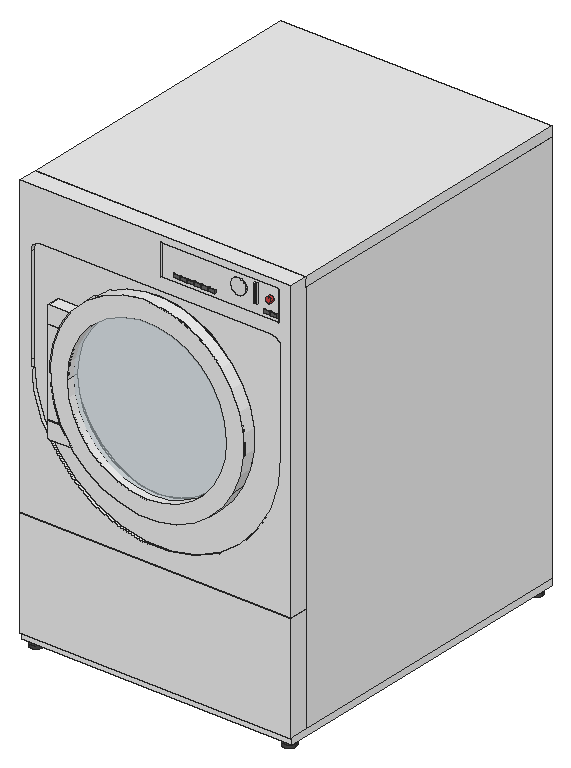
Revit family
Parameters (values of type "Dryer_T_8407_Miele")
  Warranty Duration (Years) = 0
  Voltage_MEP = 230 V
  URL = "http://www.professionallaundry.com/intro/default.asp"
  Specification = "http://www.arcat.com/sdspecs/htm/11110mpp.htm"
  Send Message = "http://www.arcat.com/users.pl?action=UserEmail&company=Miele%20Professional%20Products&coid=46081&rep=121&fax=609-419-4298&mf="
  Sales Information = "http://miele.com/locator/locator_new.asp?nav=800&snav=800&tnav=800&oT=7"
  Revision = "R1_03-2010"
  Product Properties = "http://www.arcat.com/bim/bim_info.pl?fn=Miele"
  Product Data = "http://www.arcat.com/arcatcos/cos46/arc46081.html"
  Model = "T 8407"
  Manufacturer Website = "http://www.professionallaundry.com/intro/default.asp"
  Manufacturer Phone - Toll Free = "800-843-7231 "
  Manufacturer Phone = "609-419-9898 "
  Manufacturer Fax = "609-419-4298"
  Manufacturer Address = "9 Independence Way, Princeton, NJ 08540"
  Manufacturer = "Miele Professional Products"
  Maintenance Schedule (Months) = 0
  MEP Wattage = Voltage_MEP * MEP Amperage  # 14950 VA
  MEP Amperage = 65 A
  Keynote = "11 23 00"
  Installation-Fabrication = "http://www.professionallaundry.com/model/modelsintro.asp"
  Installation Phase = ""
  Green Building-LEED = "http://www.arcat.com/green/clients/leed_data_46081.html"
  Expected Lifespan (Years) = 0
  Evaporation Rate = "12 fl oz/minute"
  Drawn By = "Robert S. Weygant, CSI, CDT, SCIP"
  Description = "Miele T8407 Commercial Dryer"
  Copyright = "2010, ARCAT, Inc"
  Construction Details = "http://www.professionallaundry.com/model/modelsintro.asp"
  Connection Dia Electrical = 1.00"
  Connect Dpth = -1.00"
  Circuits = 3
  Capacity = "36 Lbs"
  Body Material = Metal - Stainless Steel
  Assembly Code = "E1090320"
Reference planes (in)
  plane 1 "Center (Front/Back)": y = 7.26775
  plane 2: z = 0
  plane 3 "Center (Left/Right)": x = 0
  plane 4: y = 29.86775
Forms (in)
  Extrusion 1, solid, material "Electrical"
    sketch origin (6.25, 27.70916, 49.49681) x (-1, 0, 0) y (0, 0, -1)
      loop
        circle (19.22397, 6.9376) r 0.5
    from 0 to -1 <- "Connect Dpth"
  Extrusion 2, solid, material "Appliance Foot", not visible
    sketch origin (-17.94491, 0, 5.70173) x (1, 0, 0) y (0, 1, 0)
      loop
        circle (4.33957, -18.03075) r 0.81159
    from 0 to 0.32449
  Extrusion 3, solid, material "Appliance Foot", not visible
    sketch origin (-17.94491, 0, 5.70173) x (1, 0, 0) y (0, 1, 0)
      loop
        circle (4.31639, -18.03075) r 0.18544
    from 0.32449 to 0.78508
  Extrusion 4, solid, material "Appliance Foot"
    sketch origin (-21.03866, 3.96185, 0) x (1, 0, 0) y (0, 1, 0)
      loop
        circle (4.33957, -18.03075) r 0.81159
    from 0 to 0.32449
  Extrusion 5, solid, material "Metal - Stainless Steel" <- "Body Material"
    sketch origin (-5.05137, 8.00677, -6.07553) x (1, 0, 0) y (0, 0, 1)
      loop
        line (-12.78363, 7.69188) -> (-12.78363, 6.86061) -> (22.88637, 6.86061) -> (22.88637, 7.69188) -> (-12.78363, 7.69188)
    from -19.7024 to 23.09548
  Extrusion 6, solid, material "Metal - Stainless Steel" <- "Body Material"
    sketch origin (0, 8.00677, 0) x (1, 0, 0) y (0, 0, 1)
      loop
        line (-17.835, 1.61635) -> (17.835, 1.61635) -> (17.835, 15.74832) -> (-17.835, 15.74832) -> (-17.835, 1.61635)
    from 20.75285 to 23.33901
  Extrusion 7, solid, material "Metal - Stainless Steel" <- "Body Material"
    sketch origin (0, 8.00677, 0) x (1, 0, 0) y (0, 0, 1)
      loop
        line (-17.835, 55.12) -> (-17.835, 15.88716) -> (17.835, 15.88716) -> (17.835, 55.12) -> (-17.835, 55.12)
      loop
        line (0.74786, 54.35942) -> (0.74786, 50.20632) -> (16.26483, 50.20632) -> (16.26483, 54.35942) -> (0.74786, 54.35942)
      loop
        line (-16.33871, 47.30101) -> (-16.33871, 34.47716)
        arc (-16.33871, 34.47716) -> (0.1288, 18.00965) -> (16.59631, 34.47716) r 16.46751
        line (16.59631, 34.47716) -> (16.59631, 47.33579)
        arc (16.59631, 47.33579) -> (16.22141, 48.24088) -> (15.31632, 48.61578) r 1.27999
        line (15.31632, 48.61578) -> (-15.02393, 48.61578)
        arc (-15.02393, 48.61578) -> (-15.95362, 48.23069) -> (-16.33871, 47.30101) r 1.31477
    from 20.75285 to 23.33901
  Extrusion 8, solid, material "Metal - Stainless Steel" <- "Body Material"
    sketch origin (0.04099, 8.00677, 47.23957) x (1, 0, 0) y (0, 0, 1)
      loop
        line (-17.87599, 7.88043) -> (-17.87599, 6.69529) -> (17.79401, 6.69529) -> (17.79401, 7.88043) -> (-17.87599, 7.88043)
    from -19.7024 to 20.75285
  Extrusion 9, solid, material "Metal - Stainless Steel" <- "Body Material"
    sketch origin (0, 8.00677, 45.89194) x (1, 0, 0) y (0, 0, 1)
      loop
        line (-17.835, 8.04292) -> (-17.835, -44.27559) -> (17.835, -44.27559) -> (17.835, 8.04292) -> (-17.835, 8.04292)
    from -19.7024 to 20.75285
  Extrusion 10, solid, material "Metal - Stainless Steel" <- "Body Material"
    sketch origin (0, 8.00677, 4.8744) x (1, 0, 0) y (0, 0, 1)
      loop
        circle (0, 29.84821) r 10.50937
      loop
        line (-12.87082, 21.93581) -> (-10.01973, 21.93581)
        arc (-10.01973, 21.93581) -> (-10.80795, 23.0279) -> (-11.47764, 24.19643) r 12.86063
        line (-11.47764, 24.19643) -> (-13.16678, 24.19643) -> (-13.16678, 22.23177)
        arc (-13.16678, 22.23177) -> (-13.08009, 22.0225) -> (-12.87082, 21.93581) r 0.29596
      loop
        line (-10.19747, 37.83439) -> (-12.87546, 37.83439)
        arc (-12.87546, 37.83439) -> (-13.08145, 37.74907) -> (-13.16678, 37.54308) r 0.29131
        line (-13.16678, 37.54308) -> (-13.16678, 35.51085) -> (-11.61918, 35.51085)
        arc (-11.61918, 35.51085) -> (-10.97002, 36.71037) -> (-10.19747, 37.83439) r 12.86063
      loop
        circle (0, 29.99811) r 12.825
      loop
        line (-11.65271, 35.43963) -> (-13.16678, 35.43963) -> (-13.16678, 24.24999) -> (-11.50455, 24.24999)
        arc (-11.50455, 24.24999) -> (-12.8595, 29.82785) -> (-11.65271, 35.43963) r 12.86063
    from 24.66616 to 23.09548
  Extrusion 11, solid, material "Glass - Laundry"
    sketch origin (0, 8.00677, -1.72365) x (1, 0, 0) y (0, 0, 1)
      loop
        circle (0, 36.44626) r 10.50937
    from 23.09548 to 23.71139
  Extrusion 12, solid, material "Metal - Stainless Steel" <- "Body Material"
    sketch origin (0.16298, 9.04022, 0.12828) x (1, 0, 0) y (0, 0, 1)
      loop
        line (0.58488, 54.23114) -> (0.58488, 50.07804) -> (16.10185, 50.07804) -> (16.10185, 54.23114) -> (0.58488, 54.23114)
    from 21.71402 to 24.30019
  Extrusion 13, solid, material "Appliance Foot"
    sketch origin (-21.03866, 3.96185, 0) x (1, 0, 0) y (0, 1, 0)
      loop
        circle (4.31639, -18.03075) r 0.18544
    from 0.32449 to 0.78508
  Extrusion 14, solid, material "Appliance Foot"
    sketch origin (-21.03866, 44.63729, 0) x (1, 0, 0) y (0, 1, 0)
      loop
        circle (4.33957, -18.03075) r 0.81159
    from 0 to 0.32449
  Extrusion 15, solid, material "Appliance Foot"
    sketch origin (-21.03866, 44.63729, 0) x (1, 0, 0) y (0, 1, 0)
      loop
        circle (4.31639, -18.03075) r 0.18544
    from 0.32449 to 0.78508
  Extrusion 16, solid, material "Black"
    sketch origin (0.16298, -15.25997, 0.12828) x (1, 0, 0) y (0, 0, 1)
      loop
        line (2.26916, 51.08376) -> (2.26916, 50.66656) -> (3.0572, 50.66656) -> (3.0572, 51.08376) -> (2.26916, 51.08376)
      loop
        line (3.19627, 51.08376) -> (3.19627, 50.66656) -> (4.03067, 50.66656) -> (4.03067, 51.08376) -> (3.19627, 51.08376)
      loop
        line (4.16973, 51.08376) -> (4.16973, 50.66656) -> (4.95778, 50.66656) -> (4.95778, 51.08376) -> (4.16973, 51.08376)
      loop
        line (5.09684, 51.08376) -> (5.09684, 50.66656) -> (5.88489, 50.66656) -> (5.88489, 51.08376) -> (5.09684, 51.08376)
      loop
        line (6.07031, 51.08376) -> (6.07031, 50.66656) -> (6.85835, 50.66656) -> (6.85835, 51.08376) -> (6.07031, 51.08376)
      loop
        line (6.99742, 51.08376) -> (6.99742, 50.66656) -> (7.78546, 50.66656) -> (7.78546, 51.08376) -> (6.99742, 51.08376)
    from 0 to 0.125
  Extrusion 17, solid, material "White"
    sketch origin (4.20102, -15.25997, 0.45957) x (1, 0, 0) y (0, 0, 1)
      loop
        circle (6.8006, 52.25291) r 1
    from 0 to 0.125
  Extrusion 18, solid, material "White"
    sketch origin (6.47246, -15.25997, 0.45957) x (1, 0, 0) y (0, 0, 1)
      loop
        line (6.61516, 53.43834) -> (6.61516, 51.0306) -> (6.98601, 51.0306) -> (6.98601, 53.43834) -> (6.61516, 53.43834)
      loop
        line (6.75423, 53.29782) -> (6.75423, 51.16937) -> (6.84694, 51.16937) -> (6.84694, 53.29782) -> (6.75423, 53.29782)
    from 0 to 0.125
  Extrusion 19, solid, material "Red"
    sketch origin (8.422, -15.25997, 0.45957) x (1, 0, 0) y (0, 0, 1)
      loop
        circle (6.8006, 52.25291) r 0.36667
    from 0 to 0.44465
  Extrusion 20, solid, material "Black"
    sketch origin (8.3583, -15.25997, 0.12046) x (1, 0, 0) y (0, 0, 1)
      loop
        line (6.02979, 51.08376) -> (6.02979, 50.66656) -> (6.81784, 50.66656) -> (6.81784, 51.08376) -> (6.02979, 51.08376)
      loop
        line (6.9569, 51.08376) -> (6.9569, 50.66656) -> (7.74495, 50.66656) -> (7.74495, 51.08376) -> (6.9569, 51.08376)
    from 0 to 0.125
  Extrusion 21, solid, material "Metal - Stainless Steel" <- "Body Material"
    sketch origin (0, 8.00677, 0) x (1, 0, 0) y (0, 0, 1)
      loop
        circle (0, 34.87251) r 12.825
      loop
        line (-16.33871, 47.30101) -> (-16.33871, 34.47716)
        arc (-16.33871, 34.47716) -> (0.1288, 18.00965) -> (16.59631, 34.47716) r 16.46751
        line (16.59631, 34.47716) -> (16.59631, 47.33579)
        arc (16.59631, 47.33579) -> (16.22141, 48.24088) -> (15.31632, 48.61578) r 1.27999
        line (15.31632, 48.61578) -> (-15.02393, 48.61578)
        arc (-15.02393, 48.61578) -> (-15.95362, 48.23069) -> (-16.33871, 47.30101) r 1.31477
    from 20.75285 to 23.00285
  Extrusion 22, solid, material "Metal - Stainless Steel"
    sketch origin (31.00025, 27.70916, 14.3795) x (-1, 0, 0) y (0, 0, -1)
      loop
        circle (19.22397, 6.9376) r 3
    from 0 to -2.07955
  Extrusion 23, solid, material "Appliance Foot"
    sketch origin (21.03866, -85.31272, 0) x (-1, 0, 0) y (0, -1, 0)
      loop
        circle (4.33957, -71.24383) r 0.81159
    from 0 to 0.32449
  Extrusion 24, solid, material "Appliance Foot"
    sketch origin (21.03866, -85.31272, 0) x (-1, 0, 0) y (0, -1, 0)
      loop
        circle (4.31639, -71.24383) r 0.18544
    from 0.32449 to 0.78508
  Extrusion 25, solid, material "Appliance Foot"
    sketch origin (21.03866, -44.63729, 0) x (-1, 0, 0) y (0, -1, 0)
      loop
        circle (4.33957, -71.24383) r 0.81159
    from 0 to 0.32449
  Extrusion 26, solid, material "Appliance Foot"
    sketch origin (21.03866, -44.63729, 0) x (-1, 0, 0) y (0, -1, 0)
      loop
        circle (4.31639, -71.24383) r 0.18544
    from 0.32449 to 0.78508
Lines and regions (in)
  Split face 1
    outline origin (0.16298, -15.25997, 0.12828) x (1, 0, 0) y (0, 0, 1)
      loop
        line (1.75925, 53.63331) -> (1.75925, 51.4546) -> (10.83865, 51.4546)
        arc (10.83865, 51.4546) -> (11.928, 52.54396) -> (10.83865, 53.63331) r 1.08935
        line (10.83865, 53.63331) -> (1.75925, 53.63331)
  Split face 2
    outline origin (0.16298, -15.25997, 0.12828) x (1, 0, 0) y (0, 0, 1)
      loop
        circle (15.05962, 52.5842) r 0.48943
  symbolic lines, style "MechanicalEquipmentHiddenLines"
    curve 1: line (34.34298, -40.45853, 0) -> (17.11438, -11.30244, 0)
    curve 2: arc (0, -18.24252, 43.55103) -> (0, -41.08989, 35.02999) -> (0, -18.20091, 26.62138) r 13.00079
    curve 3: arc (0, -17.79494, 37.15089) -> (0, -38.59313, 35.04256) -> (0, -17.7873, 33.01103) r 10.50401
    curve 4: circle (0, -28.08914, 35.06195) r 9.97881 normal (1, 0, 0)
    curve 5: line (0, -15.08871, 43.55103) -> (0, -18.24252, 43.55103)
    curve 6: line (0, -18.20091, 26.62138) -> (0, -15.08871, 26.62138)
    curve 9: arc (-17.57041, -11.88645, 0) -> (0.23656, -40.97995, 0) -> (34.34298, -40.45853, 0) r 34.41952
    curve 12: line (0, -24.44632, 11.56981) -> (0, -22.61763, 13.39851)
    curve 13: line (0, -14.45351, 1.577) -> (0, -24.44632, 11.56981)
    curve 14: line (0, -12.62482, 3.4057) -> (0, -14.45351, 1.577)
    curve 15: line (0, -22.61763, 13.39851) -> (0, -12.62482, 3.4057)
  symbolic lines
    curve 7: line (0, -16.11733, 15.37886) -> (0, -15.7017, 15.74832)
    curve 8: line (0, -15.7017, 15.74832) -> (0, -15.33225, 15.74832)
    curve 10: line (0, -24.74022, 10.75343) -> (0, -24.70756, 11.30857)
    curve 11: line (0, -24.70756, 11.30857) -> (0, -24.44632, 11.56981)
Dimensions and locks (in)
  "Connection Dia Electrical": Extrusion 1 sketch curve to Extrusion 1 sketch curve
  Extrusion 22 sketch curve to Extrusion 22 sketch curve = 6.00"
  Extrusion 7 to Extrusion 7 = 35.67"
Automatic sketch dimensions
  Extrusion 1 sketch curve to plane 3 "Center (Left/Right)" = 12.47397"
  Extrusion 8 sketch curve to plane 3 "Center (Left/Right)" = 17.835"
  plane 3 "Center (Left/Right)" to Extrusion 8 sketch curve = 17.835"
  level to Extrusion 9 sketch curve = 1.61635"
  Extrusion 9 sketch curve to plane 3 "Center (Left/Right)" = 17.835"
  plane 3 "Center (Left/Right)" to Extrusion 9 sketch curve = 17.835"
  Extrusion 16 sketch curve to Extrusion 16 sketch curve = 0.78804"  (x5)
  Extrusion 16 sketch curve to Extrusion 16 sketch curve = 0.13907"  (x4)
  Extrusion 16 sketch curve to Extrusion 16 sketch curve = 0.8344"
  Extrusion 16 sketch curve to Extrusion 16 sketch curve = 0.18542"
  Extrusion 16 sketch curve to Extrusion 16 sketch curve = 0.00"  (x8)
  Extrusion 16 sketch curve to Extrusion 16 sketch curve = 0.4172"  (x2)
  Split face 1 sketch curve to Split face 1 sketch curve = 1.08935"
  Extrusion 18 sketch curve to Extrusion 18 sketch curve = 0.13907"  (x2)
  Extrusion 18 sketch curve to Extrusion 18 sketch curve = 0.09271"
  Extrusion 18 sketch curve to Extrusion 18 sketch curve = 0.13877"
  Extrusion 18 sketch curve to Extrusion 18 sketch curve = 0.14052"
  Extrusion 20 sketch curve to Extrusion 20 sketch curve = 0.78804"  (x2)
  Extrusion 20 sketch curve to Extrusion 20 sketch curve = 0.13907"
  Extrusion 20 sketch curve to Extrusion 20 sketch curve = 0.00"  (x2)
  Extrusion 20 sketch curve to Extrusion 20 sketch curve = 0.4172"
  level to Extrusion 6 sketch curve = 15.74832"
  Extrusion 6 sketch curve to plane 3 "Center (Left/Right)" = 17.835"
  plane 3 "Center (Left/Right)" to Extrusion 6 sketch curve = 17.835"
  level to Extrusion 6 sketch curve = 1.61635"
  Extrusion 11 sketch curve to plane 3 "Center (Left/Right)" = 0.00"
  Extrusion 11 sketch curve to Extrusion 11 sketch curve = 10.50937"
  plane 3 "Center (Left/Right)" to Extrusion 22 sketch curve = 14.77627"
  Extrusion 21 sketch curve to plane 3 "Center (Left/Right)" = 0.00"
  level to Extrusion 5 sketch curve = 1.61635"
  Extrusion 5 sketch curve to plane 3 "Center (Left/Right)" = 17.835"
  plane 3 "Center (Left/Right)" to Extrusion 5 sketch curve = 17.835"
  level to Extrusion 5 sketch curve = 0.78508"
  plane 3 "Center (Left/Right)" to Extrusion 12 sketch curve = 0.74786"
  Extrusion 12 sketch curve to Extrusion 12 sketch curve = 15.51697"
  Extrusion 12 sketch curve to Extrusion 12 sketch curve = 4.1531"
  Extrusion 16 sketch curve to Extrusion 12 = 0.58852"  (x2)
  Extrusion 16 sketch curve to Extrusion 12 = 1.68428"
  Split face 1 sketch curve to Extrusion 12 = 1.17437"
  Split face 1 sketch curve to Extrusion 12 = 1.37656"
  Split face 1 sketch curve to Extrusion 12 = 5.2632"
  Extrusion 17 sketch curve to Extrusion 12 = 1.64693"
  Extrusion 17 sketch curve to Extrusion 12 = 5.2632"
  Extrusion 18 sketch curve to Extrusion 12 = 1.28385"
  Extrusion 18 sketch curve to Extrusion 12 = 3.17721"
  Extrusion 18 sketch curve to Extrusion 12 = 0.60203"
  Extrusion 19 sketch curve to Extrusion 12 = 1.04223"
  Extrusion 19 sketch curve to Extrusion 12 = 1.64693"
  Split face 2 sketch curve to Extrusion 12 = 1.04223"
  Split face 2 sketch curve to Extrusion 12 = 1.64693"
  Extrusion 20 sketch curve to Extrusion 12 = 0.58071"
  Extrusion 20 sketch curve to Extrusion 12 = 1.87673"
  Extrusion 21 sketch curve to Extrusion 21 sketch curve = 12.825"
  Extrusion 1 sketch curve to Extrusion 1 sketch curve = 0.00"
  level to Extrusion 1 sketch curve = 42.55921"
  level to Extrusion 8 sketch curve = 53.93486"
  Extrusion 8 sketch curve to Extrusion 8 sketch curve = 1.18514"
  Extrusion 9 sketch curve to Extrusion 9 sketch curve = 52.31851"
  level to Extrusion 11 sketch curve = 34.72261"
  level to Extrusion 12 sketch curve = 50.20632"
  level to Extrusion 21 sketch curve = 34.87251"
  Extrusion 22 sketch curve to Extrusion 22 sketch curve = 0.00"
  level to Extrusion 22 sketch curve = 7.44191"
  curve 9 to plane 3 "Center (Left/Right)" = 17.57041"
  plane 3 "Center (Left/Right)" to curve 9 = 16.83277"
  curve 9 to curve 1 = 0.28162"
  curve 1 to curve 9 = 17.2286"
  plane 1 "Center (Front/Back)" to curve 9 = 47.72629"
  plane 1 "Center (Front/Back)" to curve 9 = 19.1542"
  curve 1 to curve 9 = 0.47659"
  Extrusion 10 sketch curve to Extrusion 10 sketch curve = 0.00"  (x14)
  Extrusion 10 sketch curve to plane 3 "Center (Left/Right)" = 0.00"  (x2)
  Extrusion 10 sketch curve to plane 3 "Center (Left/Right)" = 10.01973"
  Extrusion 10 sketch curve to plane 3 "Center (Left/Right)" = 10.19747"
  Extrusion 10 sketch curve to Extrusion 10 sketch curve = 1.45791"
  Extrusion 10 sketch curve to Extrusion 10 sketch curve = 0.02692"
  Extrusion 10 sketch curve to Extrusion 10 sketch curve = 1.42172"
  Extrusion 10 sketch curve to Extrusion 10 sketch curve = 0.03352"
  Extrusion 10 sketch curve to Extrusion 10 sketch curve = 1.39318"
  Extrusion 10 sketch curve to Extrusion 10 sketch curve = 1.25628"
  Extrusion 10 sketch curve to Extrusion 10 sketch curve = 1.51407"
  level to Extrusion 10 sketch curve = 26.81021"
  Extrusion 10 sketch curve to Extrusion 10 sketch curve = 1.96466"
  Extrusion 10 sketch curve to Extrusion 10 sketch curve = 0.05356"
  Extrusion 10 sketch curve to Extrusion 10 sketch curve = 0.1499"
  Extrusion 10 sketch curve to Extrusion 10 sketch curve = 0.07121"
  plane 3 "Center (Left/Right)" to Extrusion 7 sketch curve = 0.1288"
  Extrusion 7 sketch curve to plane 3 "Center (Left/Right)" = 15.02393"
  Extrusion 7 sketch curve to Extrusion 7 sketch curve = 1.31477"
  Extrusion 7 sketch curve to Extrusion 7 sketch curve = 2.81107"
  plane 3 "Center (Left/Right)" to Extrusion 7 sketch curve = 0.74786"
  Extrusion 7 sketch curve to Extrusion 7 sketch curve = 1.27999"
  plane 3 "Center (Left/Right)" to Extrusion 7 sketch curve = 17.835"
  Extrusion 7 sketch curve to Extrusion 7 sketch curve = 1.57017"
  level to Extrusion 7 sketch curve = 15.88716"
  Extrusion 7 sketch curve to Extrusion 7 sketch curve = 18.58999"
  Extrusion 7 sketch curve to Extrusion 7 sketch curve = 12.82385"
  Extrusion 7 sketch curve to Extrusion 7 sketch curve = 1.59054"
  Extrusion 7 sketch curve to Extrusion 7 sketch curve = 4.1531"
  Extrusion 7 sketch curve to Extrusion 7 sketch curve = 6.50422"
  Extrusion 21 sketch curve to Extrusion 21 sketch curve = 2.19893"
  Extrusion 21 sketch curve to Extrusion 21 sketch curve = 3.51371"
  plane 3 "Center (Left/Right)" to Extrusion 21 sketch curve = 0.1288"
  Extrusion 21 sketch curve to Extrusion 21 sketch curve = 1.27999"
  Extrusion 21 sketch curve to Extrusion 21 sketch curve = 0.39535"
  Extrusion 21 sketch curve to Extrusion 21 sketch curve = 12.4285"
  curve 2 to curve 3 = 0.00"  (x2)
  curve 2 to curve 4 = 0.00"
  curve 3 to curve 4 = 0.00"
  plane 1 "Center (Front/Back)" to curve 3 = 35.35689"
  curve 2 to curve 5 = 9.84662"
  curve 3 to curve 6 = 9.88823"
  curve 5 to curve 3 = 0.44758"
  curve 3 to curve 3 = 0.00764"
  curve 2 to curve 7 = 2.08358"
  curve 7 to curve 7 = 0.41563"
  curve 5 to curve 5 = 3.1538"
  curve 6 to curve 6 = 3.11219"
  curve 7 to curve 8 = 0.36945"  (x2)
  curve 7 to curve 2 = 10.87306"
  curve 6 to curve 3 = 6.38965"
  curve 3 to curve 3 = 2.05092"
  level to curve 10 = 10.75343"
  curve 10 to curve 7 = 8.62289"
  curve 10 to curve 10 = 0.03266"
  curve 10 to curve 12 = 0.26124"
  curve 13 to curve 15 = 1.82869"
  level to curve 14 = 1.577"
  level to curve 14 = 3.4057"
  curve 10 to curve 14 = 10.28671"
  curve 12 to curve 7 = 1.98036"
  radius of Extrusion 2 sketch curve = 0.81159"
  radius of Extrusion 3 sketch curve = 0.18544"
  radius of Extrusion 4 sketch curve = 0.81159"
  radius of Extrusion 13 sketch curve = 0.18544"
  radius of Extrusion 14 sketch curve = 0.81159"
  radius of Extrusion 15 sketch curve = 0.18544"
  radius of Extrusion 17 sketch curve = 1.00"
  radius of Extrusion 19 sketch curve = 0.36667"
  radius of Split face 2 sketch curve = 0.48943"
  radius of Extrusion 10 sketch curve = 10.50937"
  radius of Extrusion 10 sketch curve = 12.825"
  radius of Extrusion 23 sketch curve = 0.81159"
  radius of Extrusion 24 sketch curve = 0.18544"
  radius of Extrusion 25 sketch curve = 0.81159"
  radius of Extrusion 26 sketch curve = 0.18544"
  radius of curve 4 = 9.97881"
Connectors (in)
  electrical at (-12.97397, 28.70916, 42.55921), driven by "Voltage_MEP", driven by "MEP Wattage"
    settings: on Extrusion 1, index 1
  hvac at (11.77627, 29.78872, 7.44191)
    settings: on Extrusion 22, index 2
